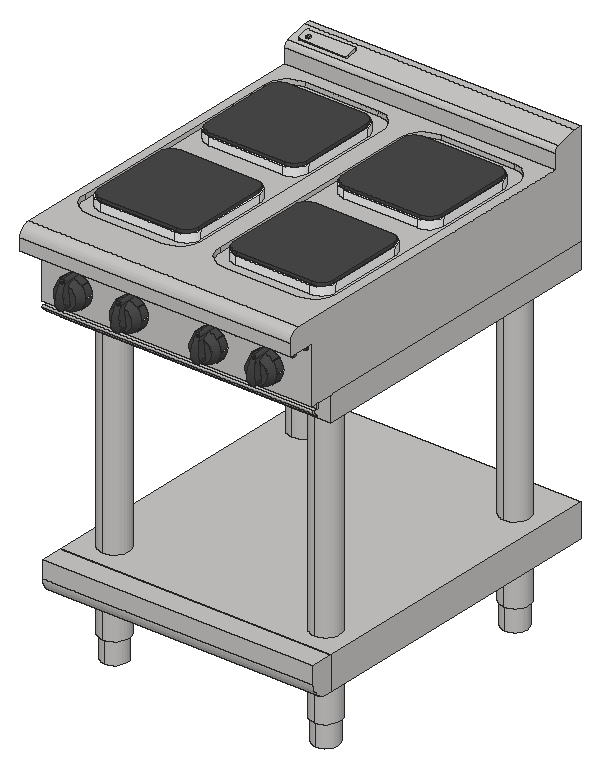
Revit family "QF_Moffat_RNL8400SE-LS_Electric_Cooktops_Sealed_Hobs_cat", category Specialty Equipment, Revit 2019
Family settings
  Round Connector Dimension = Use Diameter
  Part Type = Normal
  Work Plane-Based = No
  Always vertical = Yes
  Cut with Voids When Loaded = No
  Shared = No
  Room Calculation Point = No
Parameters (values of type "RNL8400SE-LS")
  Weight in Kilograms = 74
  Watts = 8800 W
  Volts = 400 V
  URL Cutsheet = ""
  Specification by User = ""
  Specification by Manufacturer = ""
  Serial Number = ""
  Seismic Rating = ""
  SMACNA No = ""
  Revision Code = ""
  Phase = 2
  Number of Poles = 1
  NAFEM Spec ID Number = ""
  Model = "RNL8400SE-LS"
  Min Ckt Ampacity = 0 A
  Max Overcurrent Protection = 0 A
  Masterspec = ""
  Manufacturer = "Moffat"
  Length = 600 mm
  Item Number = ""
  Installed By = ""
  Identify Quantity as Lot = yes
  Height = 970 mm
  HP = ""
  Furnished By = ""
  Foodservice Equipment Identifier = yes
  FL Amps = 22 A
  Electrical Remarks = ""
  Electric Connection Type = ""
  Elec Conn RI Height = 0 mm
  Elec Conn Connection Height = 0 mm
  Description = "Electric Cooktops Sealed Hobs"
  Depth = 805 mm
  Cycle = 50 Hz
  Conn Plug = ""
  Conn Conduit = yes
  CSI MasterFormat = ""
  Apparent Power = if(Phase = 3, Volts * FL Amps * 1.73, Volts * FL Amps)  # 8800 VA
Reference planes
  plane 1 "BACK": y = 0
  plane 2: z = 0
  plane 3 "LEFT": x = 0
  plane 4 "RIGHT": x = 600
  plane 5 "FRONT": y = -805
  plane 6 "TOP": z = 915
  plane 7 "Center Y": x = 300
  plane 8 "Center X": y = -402.5
  plane 9: x = 65.5
  plane 10: x = 87.5
  plane 11: x = 211.766
  plane 12: y = -30
  plane 13: x = 470
  plane 14: x = 512.5
  plane 15: x = 388.234
  plane 16: x = 534.5
  plane 17: z = 150
  plane 18: y = -100
  plane 19: y = -625
  plane 20: z = 970
Forms (mm)
  Extrusion 1, solid, material "QF_Metal_Stainless_Polished"
    sketch origin (0, 0, 600) x (0, 1, 0) y (0, 0, 1)
      loop
        line (0, 140) -> (0, 370) -> (-15, 370) -> (-61.106, 357.646)
        arc (-61.106, 357.646) -> (-67.52, 353.36) -> (-70, 346.055) r 12
        line (-70, 346.055) -> (-70, 315) -> (-781, 315)
        arc (-781, 315) -> (-797.971, 307.971) -> (-805, 291) r 24
        line (-805, 291) -> (-805, 266) -> (-746.031, 266) -> (-746.031, 140) -> (0, 140)
    from 0 to 600
  Extrusion 2, void
    sketch origin (0, -773.8, 915) x (0, 1, 0) y (-1, 0, 0)
      loop
        arc (673.6, -69) -> (658.955, -33.645) -> (623.6, -19) r 50
        line (623.6, -19) -> (123.399, -19)
        arc (123.399, -19) -> (88.044, -33.645) -> (73.399, -69) r 50
        line (73.399, -69) -> (73.399, -231)
        arc (73.399, -231) -> (88.044, -266.355) -> (123.399, -281) r 50
        line (123.399, -281) -> (623.6, -281)
        arc (623.6, -281) -> (658.955, -266.355) -> (673.6, -231) r 50
        line (673.6, -231) -> (673.6, -69)
      loop
        line (673.6, -531) -> (673.6, -369)
        arc (673.6, -369) -> (658.955, -333.645) -> (623.6, -319) r 50
        line (623.6, -319) -> (123.399, -319)
        arc (123.399, -319) -> (88.044, -333.645) -> (73.399, -369) r 50
        line (73.399, -369) -> (73.399, -531)
        arc (73.399, -531) -> (88.044, -566.355) -> (123.399, -581) r 50
        line (123.399, -581) -> (623.6, -581)
        arc (623.6, -581) -> (658.955, -566.355) -> (673.6, -531) r 50
    from 0 to -9.5
  Extrusion 3, solid, material "QF_Plastic_White_Smooth"
    sketch origin (0, -773.8, 905.5) x (0, 1, 0) y (-1, 0, 0)
      loop
        arc (635.254, -68) -> (625.881, -45.373) -> (603.254, -36) r 32
        line (603.254, -36) -> (440.337, -36)
        arc (440.337, -36) -> (417.71, -45.373) -> (408.337, -68) r 32
        line (408.337, -68) -> (408.337, -232)
        arc (408.337, -232) -> (417.71, -254.627) -> (440.337, -264) r 32
        line (440.337, -264) -> (603.254, -264)
        arc (603.254, -264) -> (625.881, -254.627) -> (635.254, -232) r 32
        line (635.254, -232) -> (635.254, -68)
      loop
        arc (335.297, -68) -> (325.925, -45.373) -> (303.297, -36) r 32
        line (303.297, -36) -> (140.362, -36)
        arc (140.362, -36) -> (117.734, -45.373) -> (108.362, -68) r 32
        line (108.362, -68) -> (108.362, -232)
        arc (108.362, -232) -> (117.734, -254.627) -> (140.362, -264) r 32
        line (140.362, -264) -> (303.297, -264)
        arc (303.297, -264) -> (325.925, -254.627) -> (335.297, -232) r 32
        line (335.297, -232) -> (335.297, -68)
      loop
        arc (635.246, -368) -> (625.874, -345.373) -> (603.246, -336) r 32
        line (603.246, -336) -> (440.353, -336)
        arc (440.353, -336) -> (417.725, -345.373) -> (408.353, -368) r 32
        line (408.353, -368) -> (408.353, -532)
        arc (408.353, -532) -> (417.725, -554.627) -> (440.353, -564) r 32
        line (440.353, -564) -> (603.246, -564)
        arc (603.246, -564) -> (625.874, -554.627) -> (635.246, -532) r 32
        line (635.246, -532) -> (635.246, -368)
      loop
        arc (335.297, -368) -> (325.925, -345.373) -> (303.297, -336) r 32
        line (303.297, -336) -> (140.362, -336)
        arc (140.362, -336) -> (117.734, -345.373) -> (108.362, -368) r 32
        line (108.362, -368) -> (108.362, -532)
        arc (108.362, -532) -> (117.734, -554.627) -> (140.362, -564) r 32
        line (140.362, -564) -> (303.297, -564)
        arc (303.297, -564) -> (325.925, -554.627) -> (335.297, -532) r 32
        line (335.297, -532) -> (335.297, -368)
    from 0 to 17.8
  Extrusion 4, solid, material "QF_Plastic_Black_Smooth"
    sketch origin (0, -773.8, 923.3) x (0, 1, 0) y (-1, 0, 0)
      loop
        arc (631.8, -67) -> (623.892, -47.908) -> (604.8, -40) r 27
        line (604.8, -40) -> (438.8, -40)
        arc (438.8, -40) -> (419.708, -47.908) -> (411.8, -67) r 27
        line (411.8, -67) -> (411.8, -233)
        arc (411.8, -233) -> (419.708, -252.092) -> (438.8, -260) r 27
        line (438.8, -260) -> (604.8, -260)
        arc (604.8, -260) -> (623.892, -252.092) -> (631.8, -233) r 27
        line (631.8, -233) -> (631.8, -67)
      loop
        arc (331.8, -67) -> (323.892, -47.908) -> (304.8, -40) r 27
        line (304.8, -40) -> (138.8, -40)
        arc (138.8, -40) -> (119.708, -47.908) -> (111.8, -67) r 27
        line (111.8, -67) -> (111.8, -233)
        arc (111.8, -233) -> (119.708, -252.092) -> (138.8, -260) r 27
        line (138.8, -260) -> (304.8, -260)
        arc (304.8, -260) -> (323.892, -252.092) -> (331.8, -233) r 27
        line (331.8, -233) -> (331.8, -67)
      loop
        line (631.8, -533) -> (631.8, -367)
        arc (631.8, -367) -> (623.892, -347.908) -> (604.8, -340) r 27
        line (604.8, -340) -> (438.8, -340)
        arc (438.8, -340) -> (419.708, -347.908) -> (411.8, -367) r 27
        line (411.8, -367) -> (411.8, -533)
        arc (411.8, -533) -> (419.708, -552.092) -> (438.8, -560) r 27
        line (438.8, -560) -> (604.8, -560)
        arc (604.8, -560) -> (623.892, -552.092) -> (631.8, -533) r 27
      loop
        line (331.8, -533) -> (331.8, -367)
        arc (331.8, -367) -> (323.892, -347.908) -> (304.8, -340) r 27
        line (304.8, -340) -> (138.8, -340)
        arc (138.8, -340) -> (119.708, -347.908) -> (111.8, -367) r 27
        line (111.8, -367) -> (111.8, -533)
        arc (111.8, -533) -> (119.708, -552.092) -> (138.8, -560) r 27
        line (138.8, -560) -> (304.8, -560)
        arc (304.8, -560) -> (323.892, -552.092) -> (331.8, -533) r 27
    from 0 to 6.1
  Extrusion 5, solid, material "QF_Metal_Stainless_Polished"
    sketch origin (0, 0, 600) x (0, 1, 0) y (0, 0, 1)
      loop
        line (-691.8, 85) -> (0, 85) -> (0, 140) -> (-691.8, 140) -> (-691.8, 85)
    from 0 to 600
  Extrusion 6, solid, material "QF_Metal_Stainless_Polished"
    sketch origin (0, 0, 600) x (0, 1, 0) y (0, 0, 1)
      loop
        line (-730.6, 140) -> (-730.6, 130) -> (-740.105, 130)
        arc (-740.105, 130) -> (-743.076, 128.015) -> (-742.379, 124.511) r 3.215
        line (-742.379, 124.511) -> (-731.85, 113.982) -> (-730.719, 115.113) -> (-741.247, 125.642)
        arc (-741.247, 125.642) -> (-741.597, 127.403) -> (-740.105, 128.4) r 1.615
        line (-740.105, 128.4) -> (-729, 128.4) -> (-729, 140) -> (-730.6, 140)
    from 0 to 600
  Extrusion 7, solid, material "QF_Metal_Stainless_Polished"
    sketch origin (300, 175.397, 1819.2) x (0, 1, 0) y (0, 0, 1)
      loop
        line (-867.197, -1109.2) -> (-889.234, -1109.2)
        arc (-889.234, -1109.2) -> (-890.834, -1110.8) -> (-889.234, -1112.4) r 1.6
        line (-889.234, -1112.4) -> (-867.197, -1112.4) -> (-867.197, -1109.2)
    from -250 to 250
  Extrusion 8, solid, material "QF_Paint_Green"
    sketch origin (0, -746.031, 730) x (0, 0, 1) y (-1, 0, 0)
      loop
        circle (101.3, -432.5) r 7.15
      loop
        circle (101.3, -557.5) r 7.15
      loop
        circle (101.3, -131.766) r 7.15
      loop
        circle (101.3, -256.766) r 7.15
    from 0 to 1.6
  Extrusion 9, solid, material "QF_Plastic_Black_Smooth"
    sketch origin (0, -746.031, 740) x (0, 0, 1) y (-1, 0, 0)
      loop
        circle (113.843, -13.157) r 5
      loop
        circle (113.843, -586.843) r 5
    from 0 to 1.6
  Extrusion 10, solid, material "QF_Metal_Stainless_Polished"
    sketch origin (-6096, 287.266, 675) x (0, 1, 0) y (-1, 0, 0)
      loop
        circle (-317.266, -6566) r 6.35
    from 10 to 0
  Extrusion 11, solid, material "QF_Metal_Stainless_Polished"
    sketch origin (0, 0, 0) x (0, 1, 0) y (0, 0, 1)
      loop
        line (-741.8, 222.5) -> (-741.8, 186)
        arc (-741.8, 186) -> (-731.256, 160.544) -> (-705.8, 150) r 36
        line (-705.8, 150) -> (-691.8, 150) -> (-691.8, 222.5) -> (-741.8, 222.5)
    from 0 to 600
  Revolve 12, solid, material "QF_Metal_Stainless_Polished"
    sketch origin (65.5, -4572, -304.8) x (0, 0, -1) y (0, -1, 0)
      loop
        line (-304.8, -3947) -> (-989.8, -3947) -> (-989.8, -3978.75) -> (-354.8, -3978.75) -> (-354.8, -3974.5) -> (-304.8, -3974.5) -> (-304.8, -3947)
      axis (-989.8, -3947) -> (-304.8, -3947)
    angle from 0 to 360
  Revolve 13, solid, material "QF_Metal_Stainless_Polished"
    sketch origin (534.5, -4572, -304.8) x (0, 0, -1) y (0, 1, 0)
      loop
        line (-304.8, 3947) -> (-304.8, 3974.5) -> (-354.8, 3974.5) -> (-354.8, 3978.75) -> (-989.8, 3978.75) -> (-989.8, 3947) -> (-304.8, 3947)
      axis (-989.8, 3947) -> (-304.8, 3947)
    angle from 0 to 360
  Extrusion 14, solid, material "QF_Metal_Stainless_Polished"
    sketch origin (0, 0, 0) x (0, 1, 0) y (0, 0, 1)
      loop
        line (-691.8, 222.5) -> (-691.8, 150) -> (0, 150) -> (0, 222.5) -> (-691.8, 222.5)
    from 0 to 600
  Revolve 15, solid, material "QF_Metal_Stainless_Polished"
    sketch origin (65.5, 3847, -304.8) x (0, 0, -1) y (0, -1, 0)
      loop
        line (-304.8, 3947) -> (-304.8, 3974.5) -> (-354.8, 3974.5) -> (-354.8, 3978.75) -> (-989.8, 3978.75) -> (-989.8, 3947) -> (-304.8, 3947)
      axis (-989.8, 3947) -> (-304.8, 3947)
    angle from 0 to 360
  Revolve 16, solid, material "QF_Metal_Stainless_Polished"
    sketch origin (534.5, 3847, -304.8) x (0, 0, -1) y (0, 1, 0)
      loop
        line (-304.8, -3947) -> (-989.8, -3947) -> (-989.8, -3978.75) -> (-354.8, -3978.75) -> (-354.8, -3974.5) -> (-304.8, -3974.5) -> (-304.8, -3947)
      axis (-989.8, -3947) -> (-304.8, -3947)
    angle from 0 to 360
Cuts and joins
  Extrusion 2 cuts Extrusion 1
  joined: Extrusion 5, Extrusion 11
  joined: Revolve 12, Revolve 13, Extrusion 14, Revolve 15, Revolve 16
Lines and regions (mm)
  symbolic lines
    curve 1: line (0, 0, 0) -> (600, 0, 0)
    curve 2: line (0, -805, 0) -> (0, 0, 0)
    curve 3: line (600, -805, 0) -> (0, -805, 0)
    curve 4: line (600, 0, 0) -> (600, -805, 0)
    curve 5: arc (69, -700.401, 0) -> (33.645, -685.756, 0) -> (19, -650.401, 0) r 50
    curve 6: line (19, -650.401, 0) -> (19, -150.2, 0)
    curve 7: arc (19, -150.2, 0) -> (33.645, -114.845, 0) -> (69, -100.2, 0) r 50
    curve 8: line (69, -100.2, 0) -> (231, -100.2, 0)
    curve 9: arc (231, -100.2, 0) -> (266.355, -114.845, 0) -> (281, -150.2, 0) r 50
    curve 10: line (281, -150.2, 0) -> (281, -650.401, 0)
    curve 11: arc (281, -650.401, 0) -> (266.355, -685.756, 0) -> (231, -700.401, 0) r 50
    curve 12: line (231, -700.401, 0) -> (69, -700.401, 0)
    curve 13: arc (369, -700.401, 0) -> (333.645, -685.756, 0) -> (319, -650.401, 0) r 50
    curve 14: line (319, -650.401, 0) -> (319, -150.2, 0)
    curve 15: arc (319, -150.2, 0) -> (333.645, -114.845, 0) -> (369, -100.2, 0) r 50
    curve 16: line (369, -100.2, 0) -> (531, -100.2, 0)
    curve 17: arc (531, -100.2, 0) -> (566.355, -114.845, 0) -> (581, -150.2, 0) r 50
    curve 18: line (581, -150.2, 0) -> (581, -650.401, 0)
    curve 19: arc (581, -650.401, 0) -> (566.355, -685.756, 0) -> (531, -700.401, 0) r 50
    curve 20: line (531, -700.401, 0) -> (369, -700.401, 0)
    curve 21: arc (232, -665.438, 0) -> (254.627, -656.066, 0) -> (264, -633.438, 0) r 32
    curve 22: line (264, -633.438, 0) -> (264, -470.503, 0)
    curve 23: arc (264, -470.503, 0) -> (254.627, -447.875, 0) -> (232, -438.503, 0) r 32
    curve 24: line (232, -438.503, 0) -> (68, -438.503, 0)
    curve 25: arc (68, -438.503, 0) -> (45.373, -447.875, 0) -> (36, -470.503, 0) r 32
    curve 26: line (36, -470.503, 0) -> (36, -633.438, 0)
    curve 27: arc (36, -633.438, 0) -> (45.373, -656.066, 0) -> (68, -665.438, 0) r 32
    curve 28: line (68, -665.438, 0) -> (232, -665.438, 0)
    curve 29: arc (233, -662, 0) -> (252.092, -654.092, 0) -> (260, -635, 0) r 27
    curve 30: line (260, -635, 0) -> (260, -469, 0)
    curve 31: arc (260, -469, 0) -> (252.092, -449.908, 0) -> (233, -442, 0) r 27
    curve 32: line (233, -442, 0) -> (67, -442, 0)
    curve 33: arc (67, -442, 0) -> (47.908, -449.908, 0) -> (40, -469, 0) r 27
    curve 34: line (40, -469, 0) -> (40, -635, 0)
    curve 35: arc (40, -635, 0) -> (47.908, -654.092, 0) -> (67, -662, 0) r 27
    curve 36: line (67, -662, 0) -> (233, -662, 0)
    curve 37: arc (336, -633.438, 0) -> (345.373, -656.066, 0) -> (368, -665.438, 0) r 32
    curve 38: line (368, -665.438, 0) -> (532, -665.438, 0)
    curve 39: arc (532, -665.438, 0) -> (554.627, -656.066, 0) -> (564, -633.438, 0) r 32
    curve 40: line (564, -633.438, 0) -> (564, -470.503, 0)
    curve 41: arc (564, -470.503, 0) -> (554.627, -447.875, 0) -> (532, -438.503, 0) r 32
    curve 42: line (532, -438.503, 0) -> (368, -438.503, 0)
    curve 43: arc (368, -438.503, 0) -> (345.373, -447.875, 0) -> (336, -470.503, 0) r 32
    curve 44: line (336, -470.503, 0) -> (336, -633.438, 0)
    curve 45: arc (340, -635, 0) -> (347.908, -654.092, 0) -> (367, -662, 0) r 27
    curve 46: line (367, -662, 0) -> (533, -662, 0)
    curve 47: arc (533, -662, 0) -> (552.092, -654.092, 0) -> (560, -635, 0) r 27
    curve 48: line (560, -635, 0) -> (560, -469, 0)
    curve 49: arc (560, -469, 0) -> (552.092, -449.908, 0) -> (533, -442, 0) r 27
    curve 50: line (533, -442, 0) -> (367, -442, 0)
    curve 51: arc (367, -442, 0) -> (347.908, -449.908, 0) -> (340, -469, 0) r 27
    curve 52: line (340, -469, 0) -> (340, -635, 0)
    curve 53: arc (340, -335, 0) -> (347.908, -354.092, 0) -> (367, -362, 0) r 27
    curve 54: line (367, -362, 0) -> (533, -362, 0)
    curve 55: arc (533, -362, 0) -> (552.092, -354.092, 0) -> (560, -335, 0) r 27
    curve 56: line (560, -335, 0) -> (560, -169, 0)
    curve 57: arc (560, -169, 0) -> (552.092, -149.908, 0) -> (533, -142, 0) r 27
    curve 58: line (533, -142, 0) -> (367, -142, 0)
    curve 59: arc (367, -142, 0) -> (347.908, -149.908, 0) -> (340, -169, 0) r 27
    curve 60: line (340, -169, 0) -> (340, -335, 0)
    curve 61: arc (336, -333.447, 0) -> (345.373, -356.075, 0) -> (368, -365.447, 0) r 32
    curve 62: line (368, -365.447, 0) -> (532, -365.447, 0)
    curve 63: arc (532, -365.447, 0) -> (554.627, -356.075, 0) -> (564, -333.447, 0) r 32
    curve 64: line (564, -333.447, 0) -> (564, -170.554, 0)
    curve 65: arc (564, -170.554, 0) -> (554.627, -147.926, 0) -> (532, -138.554, 0) r 32
    curve 66: line (532, -138.554, 0) -> (368, -138.554, 0)
    curve 67: arc (368, -138.554, 0) -> (345.373, -147.926, 0) -> (336, -170.554, 0) r 32
    curve 68: line (336, -170.554, 0) -> (336, -333.447, 0)
    curve 69: arc (232, -365.463, 0) -> (254.627, -356.09, 0) -> (264, -333.463, 0) r 32
    curve 70: line (264, -333.463, 0) -> (264, -170.546, 0)
    curve 71: arc (264, -170.546, 0) -> (254.627, -147.919, 0) -> (232, -138.546, 0) r 32
    curve 72: line (232, -138.546, 0) -> (68, -138.546, 0)
    curve 73: arc (68, -138.546, 0) -> (45.373, -147.919, 0) -> (36, -170.546, 0) r 32
    curve 74: line (36, -170.546, 0) -> (36, -333.463, 0)
    curve 75: arc (36, -333.463, 0) -> (45.373, -356.09, 0) -> (68, -365.463, 0) r 32
    curve 76: line (68, -365.463, 0) -> (232, -365.463, 0)
    curve 77: arc (233, -362, 0) -> (252.092, -354.092, 0) -> (260, -335, 0) r 27
    curve 78: line (260, -335, 0) -> (260, -169, 0)
    curve 79: arc (260, -169, 0) -> (252.092, -149.908, 0) -> (233, -142, 0) r 27
    curve 80: line (233, -142, 0) -> (67, -142, 0)
    curve 81: arc (67, -142, 0) -> (47.908, -149.908, 0) -> (40, -169, 0) r 27
    curve 82: line (40, -169, 0) -> (40, -335, 0)
    curve 83: arc (40, -335, 0) -> (47.908, -354.092, 0) -> (67, -362, 0) r 27
    curve 84: line (67, -362, 0) -> (233, -362, 0)
    curve 85: line (0, -15, 0) -> (600, -15, 0)
    curve 86: line (0, -70, 0) -> (600, -70, 0)
Dimensions and locks
  equal spacing: plane 3 "LEFT", plane 7 "Center Y", plane 4 "RIGHT"
  "Length": plane 3 "LEFT" to plane 4 "RIGHT"
  equal spacing: plane 5 "FRONT", plane 8 "Center X", plane 1 "BACK"
  "Depth": plane 5 "FRONT" to plane 1 "BACK"
  plane 4 "RIGHT" to plane 3 "LEFT" = 600 mm
  plane 1 "BACK" to plane 5 "FRONT" = 805 mm
  plane 6 "TOP" to plane 2 = 915 mm
  cut or joined group of Extrusion 1, Extrusion 2 to plane 2 = 915 mm
  plane 13 to plane 4 "RIGHT" = 130 mm
  plane 9 to plane 16 = 469 mm
  plane 17 to plane 2 = 150 mm
  plane 1 "BACK" to plane 18 = 100 mm
  plane 18 to plane 19 = 525 mm
  plane 1 "BACK" to plane 12 = 30 mm
  "Height": plane 20 to level
  aligned and locked: level to plane 2
Automatic sketch dimensions
  Extrusion 1 to Extrusion 2 sketch curve = 19 mm
  Extrusion 2 sketch curve to Extrusion 2 sketch curve = 50 mm  (x6)
  Extrusion 2 sketch curve to Extrusion 2 sketch curve = 0 mm  (x2)
  Extrusion 2 sketch curve to Extrusion 2 sketch curve = 162 mm
  Extrusion 2 sketch curve to Extrusion 2 sketch curve = 38 mm
  Extrusion 1 to Extrusion 2 sketch curve = 69 mm
  Extrusion 3 sketch curve to Extrusion 2 = 34.962 mm  (x2)
  Extrusion 3 sketch curve to Extrusion 3 sketch curve = 32 mm  (x13)
  Extrusion 3 sketch curve to Extrusion 2 = 17 mm  (x6)
  Extrusion 3 sketch curve to Extrusion 2 = 49 mm  (x3)
  Extrusion 3 sketch curve to Extrusion 3 sketch curve = 162.936 mm  (x2)
  Extrusion 3 sketch curve to Extrusion 3 sketch curve = 73.04 mm
  Extrusion 3 sketch curve to Extrusion 3 sketch curve = 73.055 mm
  Extrusion 3 sketch curve to Extrusion 2 = 70.346 mm  (x2)
  Extrusion 3 sketch curve to Extrusion 2 = 70.354 mm  (x2)
  Extrusion 4 sketch curve to Extrusion 3 = 3.438 mm  (x2)
  Extrusion 4 sketch curve to Extrusion 4 sketch curve = 27 mm  (x6)
  Extrusion 4 sketch curve to Extrusion 3 = 4 mm  (x7)
  Extrusion 4 sketch curve to Extrusion 3 = 30.438 mm
  Extrusion 4 sketch curve to Extrusion 3 = 30.497 mm  (x4)
  Extrusion 4 sketch curve to Extrusion 3 = 3.497 mm  (x2)
  Extrusion 4 sketch curve to Extrusion 3 = 3.463 mm  (x2)
  Extrusion 4 sketch curve to Extrusion 3 = 30.463 mm
  Extrusion 4 sketch curve to Extrusion 3 = 30.454 mm  (x4)
  Extrusion 4 sketch curve to Extrusion 3 = 3.454 mm  (x2)
  Extrusion 4 sketch curve to Extrusion 3 = 31 mm
  Extrusion 5 sketch curve to plane 1 "BACK" = 0 mm
  plane 19 to Extrusion 5 sketch curve = 66.8 mm
  Extrusion 5 sketch curve to Extrusion 5 sketch curve = 55 mm
  Extrusion 6 sketch curve to Extrusion 6 sketch curve = 0 mm  (x3)
  Extrusion 6 sketch curve to plane 5 "FRONT" = 62.621 mm
  Extrusion 6 sketch curve to Extrusion 6 sketch curve = 1.131 mm  (x3)
  Extrusion 6 sketch curve to Extrusion 6 sketch curve = 1.142 mm  (x2)
  Extrusion 6 sketch curve to Extrusion 6 sketch curve = 10.529 mm
  Extrusion 6 sketch curve to Extrusion 6 sketch curve = 9.505 mm
  Extrusion 6 sketch curve to Extrusion 6 sketch curve = 1.6 mm
  Extrusion 6 sketch curve to Extrusion 6 sketch curve = 10 mm
  Extrusion 7 sketch curve to plane 5 "FRONT" = 91.163 mm
  Extrusion 7 sketch curve to Extrusion 7 sketch curve = 22.037 mm
  Extrusion 7 sketch curve to Extrusion 7 sketch curve = 1.6 mm
  Extrusion 1 to Extrusion 8 sketch curve = 34.7 mm  (x4)
  Extrusion 1 to Extrusion 8 sketch curve = 42.5 mm
  Extrusion 8 sketch curve to Extrusion 8 sketch curve = 125 mm  (x2)
  Extrusion 8 sketch curve to Extrusion 8 sketch curve = 175.734 mm
  Extrusion 1 to Extrusion 9 sketch curve = 12.157 mm  (x2)
  Extrusion 1 to Extrusion 9 sketch curve = 13.157 mm  (x2)
  plane 12 to Extrusion 10 sketch curve = 0 mm
  Extrusion 10 sketch curve to plane 13 = 0 mm
  Revolve 12 sketch curve to plane 19 = 0 mm  (x2)
  Revolve 12 sketch curve to level = 0 mm  (x2)
  Revolve 12 sketch curve to Revolve 12 sketch curve = 50 mm
  Revolve 12 sketch curve to plane 19 = 27.5 mm
  Revolve 12 sketch curve to Revolve 12 sketch curve = 31.75 mm
  Revolve 12 sketch curve to Revolve 12 sketch curve = 35 mm
  Revolve 13 sketch curve to plane 19 = 0 mm  (x2)
  Revolve 13 sketch curve to level = 0 mm  (x2)
  level to Revolve 13 sketch curve = 50 mm
  Revolve 13 sketch curve to Revolve 13 sketch curve = 27.5 mm
  Revolve 13 sketch curve to Revolve 13 sketch curve = 31.75 mm
  Revolve 13 sketch curve to Revolve 13 sketch curve = 35 mm
  Extrusion 14 sketch curve to plane 17 = 0 mm
  Extrusion 14 sketch curve to plane 1 "BACK" = 0 mm
  plane 19 to Extrusion 14 sketch curve = 66.8 mm
  Extrusion 14 sketch curve to Extrusion 14 sketch curve = 72.5 mm
  Revolve 15 sketch curve to level = 0 mm  (x2)
  Revolve 15 sketch curve to Revolve 15 sketch curve = 50 mm
  plane 18 to Revolve 15 sketch curve = 0 mm
  Revolve 15 sketch curve to Revolve 15 sketch curve = 27.5 mm
  Revolve 15 sketch curve to Revolve 15 sketch curve = 31.75 mm
  Revolve 15 sketch curve to level = 35 mm
  Revolve 15 sketch curve to Revolve 15 sketch curve = 0 mm
  Revolve 16 sketch curve to level = 0 mm  (x2)
  Revolve 16 sketch curve to Revolve 16 sketch curve = 50 mm
  plane 18 to Revolve 16 sketch curve = 31.75 mm
  Revolve 16 sketch curve to Revolve 16 sketch curve = 4.25 mm
  Revolve 16 sketch curve to Revolve 16 sketch curve = 27.5 mm
  Revolve 16 sketch curve to level = 35 mm
  Revolve 16 sketch curve to Revolve 16 sketch curve = 0 mm
  Extrusion 11 sketch curve to plane 17 = 0 mm
  Extrusion 11 sketch curve to plane 5 "FRONT" = 63.2 mm
  Extrusion 11 sketch curve to Extrusion 11 sketch curve = 14 mm
  Extrusion 11 sketch curve to Extrusion 11 sketch curve = 36 mm
  Extrusion 11 sketch curve to Extrusion 11 sketch curve = 36.5 mm
  Extrusion 2 sketch curve to Extrusion 1 = 130.599 mm
  Extrusion 1 sketch curve to plane 5 "FRONT" = 0 mm
  Extrusion 1 sketch curve to plane 5 "FRONT" = 24 mm
  Extrusion 1 sketch curve to plane 5 "FRONT" = 58.969 mm
  Extrusion 1 sketch curve to Extrusion 1 sketch curve = 25 mm
  plane 1 "BACK" to curve 1 = 0 mm
  curve 1 to plane 3 "LEFT" = 0 mm
  curve 4 to plane 4 "RIGHT" = 0 mm
  plane 5 "FRONT" to curve 3 = 0 mm
  plane 3 "LEFT" to curve 6 = 19 mm
  plane 9 to curve 26 = 29.5 mm
  plane 9 to curve 74 = 29.5 mm
  curve 25 to curve 34 = 4 mm
  curve 75 to curve 82 = 4 mm
  curve 83 to plane 9 = 1.5 mm
  curve 32 to plane 9 = 1.5 mm
  curve 36 to plane 9 = 1.5 mm
  curve 81 to plane 9 = 1.5 mm
  curve 72 to plane 9 = 2.5 mm
  curve 28 to plane 9 = 2.5 mm
  curve 76 to plane 9 = 2.5 mm
  curve 33 to curve 25 = 1 mm
  plane 18 to curve 8 = 0.2 mm
  curve 8 to plane 9 = 3.5 mm
  curve 5 to plane 9 = 3.5 mm
  plane 11 to curve 9 = 19.234 mm
  plane 11 to curve 11 = 19.234 mm
  plane 11 to curve 76 = 20.234 mm
  plane 11 to curve 24 = 20.234 mm
  plane 19 to curve 21 = 8.438 mm
  curve 11 to curve 21 = 1 mm
  curve 9 to curve 72 = 1 mm
  curve 69 to curve 77 = 1 mm
  curve 23 to curve 31 = 1 mm
  curve 71 to curve 79 = 1 mm
  curve 21 to curve 36 = 1 mm
  curve 79 to curve 78 = 27 mm
  curve 31 to curve 30 = 27 mm
  curve 78 to curve 70 = 4 mm
  curve 30 to curve 22 = 4 mm
  curve 10 to plane 7 "Center Y" = 19 mm
  plane 7 "Center Y" to curve 14 = 19 mm
  plane 19 to curve 44 = 8.438 mm
  curve 14 to curve 44 = 17 mm
  curve 15 to curve 68 = 17 mm
  curve 61 to curve 60 = 4 mm
  curve 44 to curve 52 = 4 mm
  plane 19 to curve 45 = 10 mm
  plane 15 to curve 45 = 21.234 mm
  plane 15 to curve 50 = 21.234 mm
  plane 15 to curve 58 = 21.234 mm
  plane 15 to curve 53 = 21.234 mm
  curve 54 to curve 62 = 1 mm
  curve 51 to curve 43 = 1 mm
  curve 45 to curve 37 = 1 mm
  curve 58 to curve 66 = 1 mm
  plane 15 to curve 20 = 19.234 mm
  curve 59 to curve 15 = 2 mm
  curve 19 to plane 16 = 3.5 mm
  curve 17 to plane 16 = 3.5 mm
  curve 66 to plane 16 = 2.5 mm
  curve 38 to plane 16 = 2.5 mm
  curve 41 to plane 16 = 2.5 mm
  curve 63 to plane 16 = 2.5 mm
  curve 57 to plane 16 = 1.5 mm
  curve 46 to plane 16 = 1.5 mm
  curve 55 to plane 16 = 1.5 mm
  curve 50 to plane 16 = 1.5 mm
  plane 19 to curve 48 = 10 mm
  plane 16 to curve 56 = 25.5 mm
  curve 48 to curve 40 = 4 mm
  curve 55 to curve 64 = 4 mm
  plane 4 "RIGHT" to curve 18 = 19 mm
  curve 12 to curve 28 = 34.962 mm
  curve 20 to curve 39 = 34.962 mm
  curve 21 to curve 36 = 3.438 mm
  curve 23 to plane 8 "Center X" = 68.003 mm
  curve 25 to curve 34 = 1.503 mm
  curve 43 to plane 8 "Center X" = 68.003 mm
  curve 40 to curve 48 = 1.503 mm
  plane 8 "Center X" to curve 76 = 37.037 mm
  plane 8 "Center X" to curve 62 = 37.053 mm
  curve 76 to curve 84 = 3.463 mm
  curve 61 to curve 54 = 3.447 mm
  plane 18 to curve 65 = 70.554 mm
  curve 73 to curve 7 = 20.346 mm
  curve 67 to curve 60 = 1.554 mm
  curve 73 to curve 82 = 1.546 mm
  curve 64 to curve 18 = 20.354 mm
  Extrusion 1 sketch curve to Extrusion 1 sketch curve = 126 mm
  Extrusion 5 sketch curve to plane 6 "TOP" = 230 mm
  Extrusion 6 sketch curve to plane 6 "TOP" = 201.018 mm
  Extrusion 7 sketch curve to plane 6 "TOP" = 208.2 mm
  Revolve 12 sketch curve to plane 6 "TOP" = 230 mm
  Revolve 13 sketch curve to plane 6 "TOP" = 230 mm
  Revolve 15 sketch curve to plane 6 "TOP" = 230 mm
  Revolve 16 sketch curve to plane 6 "TOP" = 230 mm
  Extrusion 1 sketch curve to plane 1 "BACK" = 0 mm
  plane 1 "BACK" to Extrusion 1 sketch curve = 15 mm
  plane 12 to Extrusion 1 sketch curve = 31.106 mm
  plane 6 "TOP" to Extrusion 1 sketch curve = 42.646 mm
  Extrusion 1 sketch curve to Extrusion 1 sketch curve = 3.106 mm
  Extrusion 1 sketch curve to Extrusion 1 sketch curve = 11.591 mm
  plane 6 "TOP" to Extrusion 1 sketch curve = 55 mm
  Extrusion 1 sketch curve to plane 6 "TOP" = 0 mm
  Extrusion 2 sketch curve to Extrusion 1 = 80.2 mm  (x3)
  curve 85 to curve 1 = 15 mm
  curve 86 to plane 18 = 30 mm
  radius of Extrusion 8 sketch curve = 7.15 mm  (x4)
  radius of Extrusion 9 sketch curve = 5 mm  (x2)
  radius of Extrusion 10 sketch curve = 6.35 mm
Nested families
  nested 1: "Knob" at (55.003, -746.031, 764.502), type "Knob"
  nested 2: "Knob" at (179.269, -746.031, 764.502), type "Knob"
  nested 3: "Knob" at (355.738, -746.031, 764.502), type "Knob"
  nested 4: "Knob" at (480.003, -746.031, 764.502), type "Knob"
  nested 5: "QF_LOGO_Waldorf" at (14.5, -25.83, 940.387), type "QF_LOGO_Waldorf"
Connectors
  electrical at (470, -30, 675), driven by "Volts", driven by "Watts"
    settings: on Extrusion 10, index 1, voltage 400 V, apparent load 8800 VA, apparent load phase1 0 VA, apparent load phase2 0 VA, apparent load phase3 0 VA, power factor 1, load classification "Other", number of poles 1, system type 30, power factor state 1, is connector primary yes, connector utility no, sub classification motor no, connector description "Electrical Connection"
Definition of nested family "Knob"
  Parameters (values of type "Knob")
    Weight in Pounds = 0
    URL Cutsheet = ""
    Specification by User = ""
    Specification by Manufacturer = ""
    Serial Number = ""
    Seismic Rating = ""
    SMACNA No = ""
    Revision Code = ""
    NAFEM Spec ID Number = ""
    Masterspec = ""
    Length = 65 mm
    Item Number = ""
    Installed By = ""
    Identify Quantity as Lot = yes
    Height = 69.5 mm
    Furnished By = ""
    Foodservice Equipment Identifier = yes
    Depth = 59 mm
    CSI MasterFormat = ""
  Reference planes
    plane 1 "BACK": y = 0
    plane 2: z = 0
    plane 3 "LEFT": x = 0
    plane 4 "RIGHT": x = 65
    plane 5 "FRONT": y = -59
    plane 6 "TOP": z = 69.5
    plane 7 "Center Y": x = 32.5
    plane 8 "Center X": y = -29.5
  Forms (mm)
    Revolve 1, solid
      sketch origin (32.5, 175.397, 1219.2) x (0, 1, 0) y (0, 0, 1)
        loop
          line (-175.397, -1186.7) -> (-219.397, -1186.7) -> (-219.397, -1211.501) -> (-202.106, -1219.2) -> (-185.397, -1219.2) -> (-185.397, -1191.7) -> (-175.397, -1191.7) -> (-175.397, -1186.7)
        axis (-219.397, -1186.7) -> (-175.397, -1186.7)
      angle from 0 to 360
    Extrusion 2, solid
      sketch origin (32.5, 175.397, 1219.2) x (0, 1, 0) y (0, 0, 1)
        loop
          line (-202.106, -1154.2) -> (-185.397, -1154.2) -> (-185.397, -1149.7) -> (-224.105, -1149.7)
          arc (-224.105, -1149.7) -> (-233.965, -1178.467) -> (-230.696, -1208.7) r 70
          line (-230.696, -1208.7) -> (-219.397, -1208.7) -> (-219.397, -1161.899) -> (-202.106, -1154.2)
      from -15 to 15
    Extrusion 3, void
      sketch origin (0, 0, 0) x (1, 0, 0) y (0, 0, 1)
        loop
          line (27.501, 64.613) -> (22.02, 20.585)
          arc (22.02, 20.585) -> (32.792, 10.488) -> (42.986, 21.169) r 10.487
          line (42.986, 21.169) -> (37.499, 64.613)
          arc (37.499, 64.613) -> (32.5, 69.5) -> (27.501, 64.613) r 5
        loop
          line (10, 72.977) -> (10, 5.625) -> (55, 5.625) -> (55, 72.977) -> (10, 72.977)
      from 6.142 to 69.687
    Extrusion 4, solid
      sketch origin (0, -34.115, -16.916) x (1, 0, 0) y (0, 0.45399, 0.891007)
        loop
          circle (32.497, 65) r 2
      from 51.525 to 53.075
    Extrusion 5, solid
      sketch origin (32.5, -10, 32.5) x (0, 0, -1) y (-1, 0, 0)
        loop
          line (-23.54, -22.408) -> (-24.106, -22.974)
          arc (-24.106, -22.974) -> (-23.547, -23.547) -> (-22.974, -24.106) r 33.3
          line (-22.974, -24.106) -> (-22.408, -23.54)
          arc (-22.408, -23.54) -> (-22.981, -22.981) -> (-23.54, -22.408) r 32.5
        loop
          arc (-0.8, -33.29) -> (0, -33.3) -> (0.8, -33.29) r 33.3
          line (0.8, -33.29) -> (0.8, -32.49)
          arc (0.8, -32.49) -> (0, -32.5) -> (-0.8, -32.49) r 32.5
          line (-0.8, -32.49) -> (-0.8, -33.29)
        loop
          arc (23.54, -22.408) -> (22.981, -22.981) -> (22.408, -23.54) r 32.5
          line (22.408, -23.54) -> (22.974, -24.106)
          arc (22.974, -24.106) -> (23.547, -23.547) -> (24.106, -22.974) r 33.3
          line (24.106, -22.974) -> (23.54, -22.408)
        loop
          arc (-23.54, 22.408) -> (-22.981, 22.981) -> (-22.408, 23.54) r 32.5
          line (-22.408, 23.54) -> (-22.974, 24.106)
          arc (-22.974, 24.106) -> (-23.547, 23.547) -> (-24.106, 22.974) r 33.3
          line (-24.106, 22.974) -> (-23.54, 22.408)
        loop
          line (-0.8, 33.29) -> (-0.8, 32.49)
          arc (-0.8, 32.49) -> (0, 32.5) -> (0.8, 32.49) r 32.5
          line (0.8, 32.49) -> (0.8, 33.29)
          arc (0.8, 33.29) -> (0, 33.3) -> (-0.8, 33.29) r 33.3
        loop
          line (32.49, -0.8) -> (33.29, -0.8)
          arc (33.29, -0.8) -> (33.3, 0) -> (33.29, 0.8) r 33.3
          line (33.29, 0.8) -> (32.49, 0.8)
          arc (32.49, 0.8) -> (32.5, 0) -> (32.49, -0.8) r 32.5
        loop
          arc (24.106, 22.974) -> (23.547, 23.547) -> (22.974, 24.106) r 33.3
          line (22.974, 24.106) -> (22.408, 23.54)
          arc (22.408, 23.54) -> (22.981, 22.981) -> (23.54, 22.408) r 32.5
          line (23.54, 22.408) -> (24.106, 22.974)
      from 0 to -16.709
  Cuts and joins
    Extrusion 3 cuts Extrusion 2
  Dimensions and locks
    equal spacing: plane 3 "LEFT", plane 7 "Center Y", plane 4 "RIGHT"
    "Length": plane 3 "LEFT" to plane 4 "RIGHT"
    equal spacing: plane 5 "FRONT", plane 8 "Center X", plane 1 "BACK"
    "Depth": plane 5 "FRONT" to plane 1 "BACK"
    "Height": plane 6 "TOP" to level
    plane 4 "RIGHT" to plane 3 "LEFT" = 65 mm
    aligned and locked: level to plane 2
  Automatic sketch dimensions
    Revolve 1 sketch curve to level = 0 mm
    Revolve 1 sketch curve to plane 1 "BACK" = 0 mm  (x2)
    plane 1 "BACK" to Revolve 1 sketch curve = 10 mm
    plane 8 "Center X" to Revolve 1 sketch curve = 2.791 mm
    Revolve 1 sketch curve to plane 8 "Center X" = 14.5 mm
    level to Revolve 1 sketch curve = 7.699 mm
    level to Revolve 1 sketch curve = 27.5 mm
    Revolve 1 sketch curve to Revolve 1 sketch curve = 5 mm
    Revolve 1 sketch curve to Revolve 1 sketch curve = 35 mm
    Revolve 1 sketch curve to Revolve 1 sketch curve = 0 mm
    Extrusion 2 sketch curve to plane 6 "TOP" = 0 mm
    Extrusion 2 sketch curve to plane 5 "FRONT" = 3.702 mm
    Extrusion 2 sketch curve to plane 5 "FRONT" = 10.293 mm
    Extrusion 2 sketch curve to Extrusion 2 sketch curve = 11.298 mm
    plane 8 "Center X" to Extrusion 2 sketch curve = 2.791 mm
    plane 1 "BACK" to Extrusion 2 sketch curve = 10 mm
    Extrusion 2 sketch curve to plane 1 "BACK" = 11 mm
    Extrusion 2 sketch curve to plane 6 "TOP" = 4.5 mm
    Extrusion 2 sketch curve to plane 6 "TOP" = 12.199 mm
    level to Extrusion 2 sketch curve = 32.962 mm
    level to Extrusion 3 sketch curve = 5.625 mm
    Extrusion 3 sketch curve to plane 7 "Center Y" = 0 mm  (x2)
    Extrusion 3 sketch curve to plane 7 "Center Y" = 4.999 mm
    Extrusion 3 sketch curve to plane 7 "Center Y" = 10.48 mm
    plane 6 "TOP" to Extrusion 3 sketch curve = 3.477 mm
    plane 3 "LEFT" to Extrusion 3 sketch curve = 10 mm
    Extrusion 3 sketch curve to plane 6 "TOP" = 4.887 mm
    Extrusion 3 sketch curve to Extrusion 3 sketch curve = 4.999 mm
    plane 7 "Center Y" to Extrusion 3 sketch curve = 10.486 mm
    level to Extrusion 3 sketch curve = 20.585 mm
    Extrusion 3 sketch curve to Extrusion 3 sketch curve = 0.387 mm
    Extrusion 3 sketch curve to Extrusion 3 sketch curve = 0.113 mm
    plane 4 "RIGHT" to Extrusion 3 sketch curve = 10 mm
    Extrusion 5 sketch curve to Revolve 1 = 32.49 mm
    Revolve 1 to Extrusion 5 sketch curve = 32.49 mm
    Extrusion 5 sketch curve to Revolve 1 = 23.54 mm  (x2)
    Revolve 1 to Extrusion 5 sketch curve = 23.54 mm  (x2)
    Extrusion 5 sketch curve to Revolve 1 = 24.106 mm  (x2)
    Revolve 1 to Extrusion 5 sketch curve = 24.106 mm  (x2)
    Revolve 1 to Extrusion 5 sketch curve = 22.408 mm  (x2)
    Extrusion 5 sketch curve to Revolve 1 = 22.408 mm  (x2)
    Revolve 1 to Extrusion 5 sketch curve = 22.974 mm  (x2)
    Extrusion 5 sketch curve to Revolve 1 = 22.974 mm  (x2)
    Extrusion 5 sketch curve to Extrusion 5 sketch curve = 1.6 mm  (x2)
    Revolve 1 to Extrusion 5 sketch curve = 0.8 mm
    Extrusion 5 sketch curve to Revolve 1 = 0.8 mm
    Extrusion 4 sketch curve to plane 7 "Center Y" = 0.003 mm
    radius of Extrusion 5 sketch curve to Revolve 1 = 0 mm  (x7)
    radius of Revolve 1 to Extrusion 5 sketch curve = 0.8 mm  (x7)
    radius of Extrusion 4 sketch curve = 2 mm
Definition of nested family "QF_LOGO_Waldorf"
  Parameters (values of type "QF_LOGO_Waldorf")
    Weight in Pounds = 0
    URL Cutsheet = ""
    Specification by User = ""
    Specification by Manufacturer = ""
    Serial Number = ""
    Seismic Rating = ""
    SMACNA No = ""
    Revision Code = ""
    NAFEM Spec ID Number = ""
    Masterspec = ""
    Length = 138 mm
    Item Number = ""
    Installed By = ""
    Identify Quantity as Lot = yes
    Height = 26.711 mm
    Furnished By = ""
    Foodservice Equipment Identifier = yes
    Depth = 3.175 mm
    CSI MasterFormat = ""
  Reference planes
    plane 1 "BACK": y = 0
    plane 2: z = 0
    plane 3 "LEFT": x = 0
    plane 4 "RIGHT": x = 138
    plane 5 "FRONT": y = -3.175
    plane 6 "TOP": z = 26.711
    plane 7 "Center Y": x = 69
    plane 8 "Center X": y = -1.587
  Forms (mm)
    Extrusion 1, solid
      sketch origin (0, -25.801, 19.798) x (1, 0, 0) y (0, 0.965926, 0.258819)
        loop
          line (109, 3.464) -> (109, 23.247)
          spline (109, 23.247) -> (108.966, 23.699) -> (108.864, 24.143) -> (108.696, 24.572) -> (108.464, 24.979) -> (108.173, 25.355) -> (107.828, 25.696) -> (107.435, 25.995) -> (107, 26.247) -> (106.531, 26.447) -> (106.035, 26.593) -> (105.522, 26.681) -> (105, 26.711)
          line (105, 26.711) -> (4, 26.711)
          spline (4, 26.711) -> (3.478, 26.681) -> (2.965, 26.593) -> (2.469, 26.447) -> (2, 26.247) -> (1.565, 25.995) -> (1.172, 25.696) -> (0.827, 25.355) -> (0.536, 24.979) -> (0.304, 24.572) -> (0.136, 24.143) -> (0.034, 23.699) -> (0, 23.247)
          line (0, 23.247) -> (0, 3.464)
          spline (0, 3.464) -> (0.034, 3.012) -> (0.136, 2.568) -> (0.304, 2.138) -> (0.536, 1.732) -> (0.827, 1.355) -> (1.172, 1.015) -> (1.565, 0.716) -> (2, 0.464) -> (2.469, 0.264) -> (2.965, 0.118) -> (3.478, 0.03) -> (4, 0)
          line (4, 0) -> (105, 0)
          spline (105, 0) -> (105.522, 0.03) -> (106.035, 0.118) -> (106.531, 0.264) -> (107, 0.464) -> (107.435, 0.716) -> (107.828, 1.015) -> (108.173, 1.355) -> (108.464, 1.732) -> (108.696, 2.138) -> (108.864, 2.568) -> (108.966, 3.012) -> (109, 3.464)
        loop
          line (14.75, 7.005) -> (14.75, 15.654)
          arc (14.75, 15.654) -> (10.425, 11.329) -> (14.75, 7.005) r 4.325
        loop
          line (15.25, 15.654) -> (15.25, 7.005)
          arc (15.25, 7.005) -> (19.575, 11.329) -> (15.25, 15.654) r 4.325
      from 0 to 3.2
    Extrusion 2, solid
      sketch origin (0, -25.801, 19.798) x (1, 0, 0) y (0, 0.965926, 0.258819)
        loop
          line (15.25, 15.654) -> (15.25, 7.005)
          arc (15.25, 7.005) -> (19.575, 11.329) -> (15.25, 15.654) r 4.325
      from 0 to 3.2
    Extrusion 3, solid
      sketch origin (16.271, -25.801, 19.798) x (-1, 0, 0) y (0, -0.965926, -0.258819)
        loop
          arc (1.521, -15.654) -> (5.846, -11.329) -> (1.521, -7.005) r 4.325
          line (1.521, -7.005) -> (1.521, -15.654)
      from 0 to 3.2
  Lines and regions (mm)
    Split face 1
      outline origin (0, -26.629, 22.888) x (1, 0, 0) y (0, 0.965926, 0.258819)
        loop
          spline (22.129, 16.975) -> (22.389, 15.984) -> (22.649, 15.002) -> (22.91, 14.028) -> (23.172, 13.065) -> (23.433, 12.11) -> (23.695, 11.166) -> (23.956, 10.232) -> (24.218, 9.308) -> (24.479, 8.396) -> (24.74, 7.495) -> (25, 6.605) -> (25.26, 5.728)
          line (25.26, 5.728) -> (29.463, 5.728)
          spline (29.463, 5.728) -> (29.582, 6.252) -> (29.701, 6.78) -> (29.82, 7.313) -> (29.939, 7.85) -> (30.058, 8.391) -> (30.178, 8.936) -> (30.297, 9.485) -> (30.416, 10.038) -> (30.536, 10.594) -> (30.655, 11.155) -> (30.775, 11.719) -> (30.894, 12.287)
          spline (30.894, 12.287) -> (31.018, 11.719) -> (31.142, 11.155) -> (31.266, 10.594) -> (31.39, 10.038) -> (31.514, 9.485) -> (31.638, 8.936) -> (31.762, 8.391) -> (31.885, 7.85) -> (32.009, 7.313) -> (32.133, 6.78) -> (32.256, 6.252) -> (32.379, 5.728)
          line (32.379, 5.728) -> (36.51, 5.728)
          spline (36.51, 5.728) -> (36.766, 6.605) -> (37.023, 7.495) -> (37.28, 8.396) -> (37.538, 9.308) -> (37.795, 10.232) -> (38.053, 11.166) -> (38.311, 12.11) -> (38.569, 13.065) -> (38.826, 14.028) -> (39.083, 15.002) -> (39.34, 15.984) -> (39.597, 16.975)
          line (39.597, 16.975) -> (35.637, 16.975)
          spline (35.637, 16.975) -> (35.523, 16.334) -> (35.41, 15.697) -> (35.296, 15.063) -> (35.182, 14.433) -> (35.068, 13.807) -> (34.954, 13.185) -> (34.84, 12.566) -> (34.726, 11.952) -> (34.612, 11.342) -> (34.497, 10.737) -> (34.383, 10.135) -> (34.269, 9.538)
          spline (34.269, 9.538) -> (34.138, 10.135) -> (34.008, 10.737) -> (33.877, 11.342) -> (33.746, 11.952) -> (33.616, 12.566) -> (33.485, 13.185) -> (33.354, 13.807) -> (33.224, 14.433) -> (33.093, 15.063) -> (32.963, 15.697) -> (32.833, 16.334) -> (32.703, 16.975)
          line (32.703, 16.975) -> (29.247, 16.975)
          spline (29.247, 16.975) -> (29.111, 16.334) -> (28.974, 15.697) -> (28.837, 15.063) -> (28.7, 14.433) -> (28.562, 13.807) -> (28.425, 13.185) -> (28.288, 12.566) -> (28.15, 11.952) -> (28.013, 11.342) -> (27.875, 10.737) -> (27.738, 10.135) -> (27.6, 9.538)
          spline (27.6, 9.538) -> (27.483, 10.135) -> (27.366, 10.737) -> (27.249, 11.342) -> (27.132, 11.952) -> (27.015, 12.566) -> (26.897, 13.185) -> (26.78, 13.807) -> (26.663, 14.433) -> (26.546, 15.063) -> (26.43, 15.697) -> (26.313, 16.334) -> (26.196, 16.975)
          line (26.196, 16.975) -> (22.129, 16.975)
    Split face 2
      outline origin (0, -26.629, 22.888) x (1, 0, 0) y (0, 0.965926, 0.258819)
        loop
          line (51.449, 5.728) -> (51.035, 6.606) -> (51.035, 11.169)
          spline (51.035, 11.169) -> (50.686, 12.42) -> (50.176, 13.224) -> (49.51, 13.708) -> (48.693, 13.995) -> (47.747, 14.152) -> (46.698, 14.207) -> (45.579, 14.186) -> (44.419, 14.114) -> (43.279, 13.929) -> (42.249, 13.481) -> (41.424, 12.614) -> (40.897, 11.169)
          line (40.897, 11.169) -> (44.617, 11.169) -> (44.988, 11.965)
          spline (44.988, 11.965) -> (47.294, 11.682) -> (46.856, 10.932) -> (45.527, 10.609) -> (43.858, 10.439) -> (42.259, 10.123) -> (41.078, 9.417) -> (40.563, 8.246) -> (40.689, 6.989) -> (41.407, 6.052) -> (42.774, 5.536) -> (44.847, 5.497) -> (47.306, 6.602)
          line (47.306, 6.602) -> (47.624, 5.728) -> (51.449, 5.728)
    Split face 3
      outline origin (0, -26.629, 22.888) x (1, 0, 0) y (0, 0.965926, 0.258819)
        loop
          line (47.264, 9.264) -> (44.938, 8.597)
          spline (44.938, 8.597) -> (44.508, 8.228) -> (44.402, 7.9) -> (44.548, 7.626) -> (44.877, 7.42) -> (45.317, 7.295) -> (45.797, 7.265) -> (46.252, 7.342) -> (46.65, 7.525) -> (46.971, 7.813) -> (47.194, 8.201) -> (47.298, 8.685) -> (47.264, 9.264)
    Split face 4
      outline origin (0, -26.629, 22.888) x (1, 0, 0) y (0, 0.965926, 0.258819)
        loop
          line (53.33, 16.975) -> (53.33, 5.728) -> (57.173, 5.728) -> (57.173, 16.975) -> (53.33, 16.975)
    Split face 5
      outline origin (0, -26.629, 22.888) x (1, 0, 0) y (0, 0.965926, 0.258819)
        loop
          line (65.795, 16.975) -> (65.795, 12.976)
          spline (65.795, 12.976) -> (63.839, 14.082) -> (62.087, 14.096) -> (60.633, 13.343) -> (59.574, 12.148) -> (58.99, 10.806) -> (58.867, 9.452) -> (59.156, 8.159) -> (59.81, 7) -> (60.786, 6.056) -> (62.111, 5.514) -> (63.868, 5.634) -> (66.137, 6.679)
          line (66.137, 6.679) -> (66.137, 5.728) -> (69.511, 5.728) -> (69.511, 16.975) -> (65.795, 16.975)
    Split face 6
      outline origin (0, -26.629, 22.888) x (1, 0, 0) y (0, 0.965926, 0.258819)
        loop
          spline (64.273, 7.499) -> (64.754, 7.57) -> (65.202, 7.777) -> (65.587, 8.106) -> (65.882, 8.535) -> (66.067, 9.034) -> (66.131, 9.57) -> (66.067, 10.106) -> (65.882, 10.605) -> (65.587, 11.034) -> (65.202, 11.363) -> (64.754, 11.57) -> (64.273, 11.64)
          spline (64.273, 11.64) -> (63.793, 11.57) -> (63.345, 11.363) -> (62.96, 11.034) -> (62.665, 10.605) -> (62.479, 10.106) -> (62.416, 9.57) -> (62.479, 9.034) -> (62.665, 8.535) -> (62.96, 8.106) -> (63.345, 7.777) -> (63.793, 7.57) -> (64.273, 7.499)
    Split face 7
      outline origin (0, -26.629, 22.888) x (1, 0, 0) y (0, 0.965926, 0.258819)
        loop
          spline (76.449, 5.305) -> (77.855, 5.457) -> (79.166, 5.901) -> (80.291, 6.607) -> (81.155, 7.527) -> (81.698, 8.599) -> (81.883, 9.749) -> (81.698, 10.899) -> (81.155, 11.97) -> (80.291, 12.891) -> (79.166, 13.597) -> (77.855, 14.041) -> (76.449, 14.192)
          spline (76.449, 14.192) -> (75.042, 14.041) -> (73.731, 13.597) -> (72.606, 12.891) -> (71.742, 11.97) -> (71.199, 10.899) -> (71.014, 9.749) -> (71.199, 8.599) -> (71.742, 7.527) -> (72.606, 6.607) -> (73.731, 5.901) -> (75.042, 5.457) -> (76.449, 5.305)
    Split face 8
      outline origin (0, -26.629, 22.888) x (1, 0, 0) y (0, 0.965926, 0.258819)
        loop
          spline (76.449, 7.654) -> (76.841, 7.725) -> (77.206, 7.934) -> (77.52, 8.267) -> (77.76, 8.701) -> (77.912, 9.206) -> (77.963, 9.749) -> (77.912, 10.291) -> (77.76, 10.796) -> (77.52, 11.23) -> (77.206, 11.563) -> (76.841, 11.772) -> (76.449, 11.843)
          spline (76.449, 11.843) -> (76.057, 11.772) -> (75.691, 11.563) -> (75.378, 11.23) -> (75.137, 10.796) -> (74.986, 10.291) -> (74.934, 9.749) -> (74.986, 9.206) -> (75.137, 8.701) -> (75.378, 8.267) -> (75.691, 7.934) -> (76.057, 7.725) -> (76.449, 7.654)
    Split face 9
      outline origin (0, -26.629, 22.888) x (1, 0, 0) y (0, 0.965926, 0.258819)
        loop
          line (86.998, 12.335) -> (86.998, 13.879) -> (83.479, 13.879) -> (83.479, 5.728) -> (87.312, 5.728) -> (87.312, 8.975)
          spline (87.312, 8.975) -> (87.364, 9.356) -> (87.458, 9.686) -> (87.594, 9.968) -> (87.769, 10.204) -> (87.982, 10.398) -> (88.229, 10.55) -> (88.509, 10.666) -> (88.82, 10.746) -> (89.16, 10.794) -> (89.525, 10.812) -> (89.915, 10.803) -> (90.327, 10.77)
          line (90.327, 10.77) -> (90.327, 14.113)
          spline (90.327, 14.113) -> (89.929, 14.127) -> (89.552, 14.111) -> (89.197, 14.066) -> (88.865, 13.991) -> (88.554, 13.887) -> (88.266, 13.754) -> (87.999, 13.591) -> (87.755, 13.399) -> (87.532, 13.177) -> (87.332, 12.926) -> (87.154, 12.645) -> (86.998, 12.335)
    Split face 10
      outline origin (0, -26.629, 22.888) x (1, 0, 0) y (0, 0.965926, 0.258819)
        loop
          line (92.082, 13.879) -> (90.894, 13.879) -> (90.894, 11.972) -> (92.082, 11.972) -> (92.082, 5.728) -> (95.871, 5.728) -> (95.871, 11.972) -> (97.5, 11.972) -> (97.5, 13.879) -> (95.871, 13.879)
          spline (95.871, 13.879) -> (95.843, 14.088) -> (95.845, 14.278) -> (95.877, 14.447) -> (95.939, 14.596) -> (96.03, 14.726) -> (96.151, 14.835) -> (96.301, 14.925) -> (96.482, 14.995) -> (96.692, 15.045) -> (96.931, 15.075) -> (97.201, 15.085) -> (97.5, 15.076)
          line (97.5, 15.076) -> (97.5, 17.266) -> (95.367, 17.266)
          spline (95.367, 17.266) -> (94.982, 17.253) -> (94.58, 17.21) -> (94.174, 17.132) -> (93.774, 17.013) -> (93.39, 16.846) -> (93.034, 16.627) -> (92.717, 16.349) -> (92.448, 16.007) -> (92.24, 15.595) -> (92.102, 15.106) -> (92.046, 14.537) -> (92.082, 13.879)
  Dimensions and locks
    equal spacing: plane 3 "LEFT", plane 7 "Center Y", plane 4 "RIGHT"
    "Length": plane 3 "LEFT" to plane 4 "RIGHT"
    equal spacing: plane 5 "FRONT", plane 8 "Center X", plane 1 "BACK"
    "Depth": plane 5 "FRONT" to plane 1 "BACK"
    "Height": plane 6 "TOP" to level
    plane 4 "RIGHT" to plane 3 "LEFT" = 138 mm
    aligned and locked: level to plane 2
  Automatic sketch dimensions
    Extrusion 1 sketch curve to plane 3 "LEFT" = 0 mm
    plane 3 "LEFT" to Extrusion 1 sketch curve = 4 mm  (x2)
    Extrusion 1 sketch curve to Extrusion 1 sketch curve = 10.75 mm
    Extrusion 1 sketch curve to Extrusion 1 sketch curve = 0.5 mm
    plane 4 "RIGHT" to Extrusion 1 sketch curve = 33 mm
    Extrusion 1 sketch curve to Extrusion 1 sketch curve = 0 mm  (x3)
    Extrusion 1 sketch curve to Extrusion 1 sketch curve = 4 mm
    Extrusion 1 sketch curve to Extrusion 1 sketch curve = 3.464 mm  (x3)
    Extrusion 1 sketch curve to Extrusion 1 sketch curve = 3.541 mm
    Extrusion 1 sketch curve to Extrusion 1 sketch curve = 4.325 mm
    Extrusion 1 sketch curve to Extrusion 1 sketch curve = 19.783 mm
    Extrusion 1 sketch curve to Extrusion 1 sketch curve = 7.592 mm
    plane 3 "LEFT" to Extrusion 2 sketch curve = 15.25 mm
    Extrusion 2 sketch curve to Extrusion 2 sketch curve = 4.325 mm
    plane 3 "LEFT" to Extrusion 3 sketch curve = 14.75 mm
    Extrusion 3 sketch curve to Extrusion 3 sketch curve = 4.325 mm
    Extrusion 1 to Split face 1 sketch curve = 6.879 mm
    Split face 1 sketch curve to Extrusion 1 = 5.728 mm
    Split face 1 sketch curve to Split face 1 sketch curve = 3.132 mm
    Split face 1 sketch curve to Split face 1 sketch curve = 4.068 mm
    Split face 1 sketch curve to Split face 1 sketch curve = 3.051 mm
    Split face 1 sketch curve to Split face 1 sketch curve = 4.203 mm
    Split face 1 sketch curve to Split face 1 sketch curve = 2.916 mm
    Split face 1 sketch curve to Split face 1 sketch curve = 3.456 mm
    Split face 1 sketch curve to Split face 1 sketch curve = 2.934 mm
    Split face 1 sketch curve to Split face 1 sketch curve = 4.131 mm
    Split face 1 sketch curve to Split face 1 sketch curve = 3.96 mm
    Split face 1 sketch curve to Split face 1 sketch curve = 0 mm  (x2)
    Split face 1 sketch curve to Extrusion 1 = 9.736 mm  (x2)
    Extrusion 1 to Split face 1 sketch curve = 6.337 mm
    Extrusion 1 to Split face 1 sketch curve = 6.231 mm
    Extrusion 1 to Split face 1 sketch curve = 3.184 mm
    Extrusion 1 to Split face 1 sketch curve = 13.135 mm
    Split face 1 sketch curve to Split face 1 sketch curve = 4.652 mm
    Split face 1 sketch curve to Split face 1 sketch curve = 3.593 mm
    Split face 1 sketch curve to Split face 1 sketch curve = 1.863 mm
    Split face 1 sketch curve to Split face 1 sketch curve = 0.713 mm
    Split face 1 sketch curve to Split face 1 sketch curve = 2.684 mm
    Split face 1 sketch curve to Split face 1 sketch curve = 3.294 mm
    Split face 1 sketch curve to Split face 1 sketch curve = 0.459 mm
    Split face 1 sketch curve to Split face 1 sketch curve = 2.775 mm
    Split face 1 sketch curve to Split face 1 sketch curve = 1.89 mm
    Split face 1 sketch curve to Split face 1 sketch curve = 0.685 mm
    Split face 1 sketch curve to Split face 1 sketch curve = 9.486 mm
    Split face 1 sketch curve to Split face 1 sketch curve = 16.213 mm
    Split face 1 sketch curve to Split face 1 sketch curve = 3.48 mm
    Split face 1 sketch curve to Split face 1 sketch curve = 4.918 mm
    Split face 1 sketch curve to Split face 1 sketch curve = 7.609 mm
    Split face 1 sketch curve to Split face 1 sketch curve = 0.01 mm  (x2)
    Split face 1 sketch curve to Split face 1 sketch curve = 0.002 mm
    Split face 2 sketch curve to Extrusion 1 = 11.169 mm
    Extrusion 1 to Split face 2 sketch curve = 25.647 mm
    Split face 2 sketch curve to Split face 2 sketch curve = 3.72 mm
    Split face 2 sketch curve to Extrusion 1 = 11.965 mm
    Split face 2 sketch curve to Split face 2 sketch curve = 0.371 mm
    Split face 2 sketch curve to Extrusion 1 = 6.602 mm
    Split face 2 sketch curve to Split face 2 sketch curve = 2.689 mm
    Split face 2 sketch curve to Split face 2 sketch curve = 0.318 mm
    Split face 2 sketch curve to Split face 2 sketch curve = 3.729 mm
    Split face 2 sketch curve to Split face 2 sketch curve = 0.414 mm
    Split face 2 sketch curve to Split face 2 sketch curve = 0.875 mm
    Split face 2 sketch curve to Split face 2 sketch curve = 0.878 mm
    Split face 3 sketch curve to Extrusion 1 = 8.597 mm
    Extrusion 1 to Split face 3 sketch curve = 29.688 mm
    Split face 3 sketch curve to Extrusion 1 = 9.264 mm
    Split face 3 sketch curve to Split face 3 sketch curve = 2.326 mm
    Split face 4 sketch curve to Extrusion 1 = 5.728 mm
    Extrusion 1 to Split face 4 sketch curve = 38.08 mm
    Split face 4 sketch curve to Split face 4 sketch curve = 3.843 mm
    Split face 4 sketch curve to Extrusion 1 = 9.736 mm
    Split face 5 sketch curve to Extrusion 1 = 9.736 mm
    Split face 5 sketch curve to Extrusion 1 = 43.205 mm
    Split face 5 sketch curve to Extrusion 1 = 6.679 mm
    Split face 5 sketch curve to Split face 5 sketch curve = 0.342 mm
    Split face 5 sketch curve to Split face 5 sketch curve = 3.375 mm
    Split face 5 sketch curve to Split face 5 sketch curve = 0.952 mm
    Split face 5 sketch curve to Split face 5 sketch curve = 3.998 mm
    Split face 6 sketch curve to Extrusion 1 = 7.499 mm
    Split face 6 sketch curve to Extrusion 1 = 44.727 mm
    Split face 6 sketch curve to Split face 6 sketch curve = 2.07 mm
    Split face 7 sketch curve to Extrusion 1 = 5.305 mm
    Split face 7 sketch curve to Extrusion 1 = 32.551 mm
    Split face 7 sketch curve to Split face 7 sketch curve = 4.443 mm
    Split face 8 sketch curve to Extrusion 1 = 7.654 mm
    Split face 8 sketch curve to Extrusion 1 = 32.551 mm
    Split face 8 sketch curve to Split face 8 sketch curve = 2.095 mm
    Split face 9 sketch curve to Extrusion 1 = 5.728 mm
    Split face 9 sketch curve to Extrusion 1 = 25.521 mm
    Split face 9 sketch curve to Split face 9 sketch curve = 3.519 mm
    Split face 9 sketch curve to Split face 9 sketch curve = 0.315 mm
    Split face 9 sketch curve to Split face 9 sketch curve = 3.33 mm
    Split face 9 sketch curve to Split face 9 sketch curve = 3.248 mm
    Split face 9 sketch curve to Split face 9 sketch curve = 1.795 mm
    Split face 9 sketch curve to Split face 9 sketch curve = 3.36 mm
    Split face 9 sketch curve to Split face 9 sketch curve = 1.545 mm
    Split face 9 sketch curve to Split face 9 sketch curve = 0.233 mm
    Split face 10 sketch curve to Extrusion 1 = 18.106 mm
    Split face 10 sketch curve to Split face 10 sketch curve = 1.188 mm  (x2)
    Split face 10 sketch curve to Split face 10 sketch curve = 3.285 mm
    Split face 10 sketch curve to Split face 10 sketch curve = 3.789 mm
    Split face 10 sketch curve to Split face 10 sketch curve = 0 mm  (x2)
    Split face 10 sketch curve to Split face 10 sketch curve = 1.629 mm
    Split face 10 sketch curve to Split face 10 sketch curve = 2.133 mm
    Split face 10 sketch curve to Extrusion 1 = 5.728 mm
    Split face 10 sketch curve to Split face 10 sketch curve = 6.245 mm
    Split face 10 sketch curve to Split face 10 sketch curve = 1.907 mm  (x2)
    Split face 10 sketch curve to Split face 10 sketch curve = 1.197 mm
    Split face 10 sketch curve to Split face 10 sketch curve = 2.19 mm
